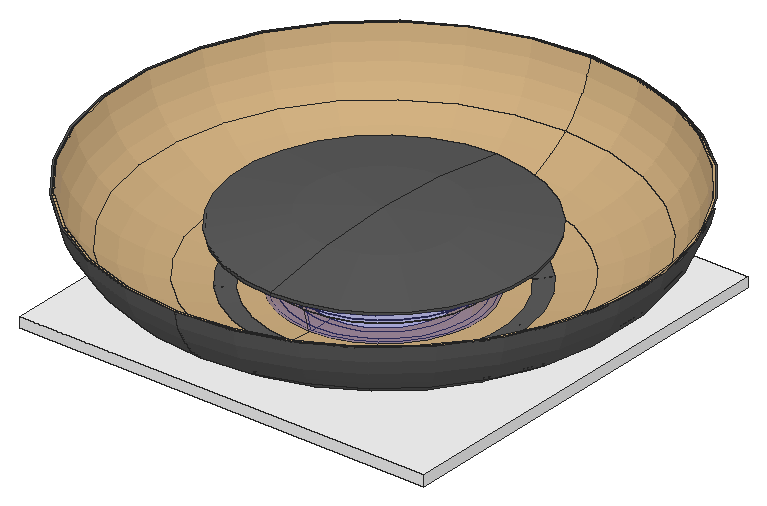
Revit family "BE_51219.4_de_DE", category Leuchten, Revit 2020
Family settings
  Basisbauteil = Fläche
  Bemaßung runder Anschluss = Durchmesser verwenden
  Teiletyp = Normal
  Beim Laden mit Abzugskörper schneiden = Ja
  Lichtquelle = Ja
  Gemeinsam genutzt = Nein
  Raumberechnungspunkt = Ja
Parameters (values of type "BEGA_51219.4_K3")
  built-in parameter 1150104 = 14.493 (stored number, unit not read)
  Wattage = 25 W
  Default Elevation = 0 mm
  built-in parameter 1150113 = 1 (stored number, unit not read)
  built-in parameter 1114218 = 1 (stored number, unit not read)
  Umgebungstemperatur = "25 °C"
  URL = "https://www.bega.com/de/produkt/51219.4"
  Typenkommentare = "© 2023 BEGA. Wir behalten uns das Recht vor, technische Änderungen ohne vorherige Ankündigung vorzunehmen."  # constant formula
  built-in parameter 1150134 = (empty or 0)
  built-in parameter 1150109 = 1 (stored number, unit not read)
  built-in parameter 1150110 = 1 (stored number, unit not read)
  Spannung = 239.996 V
  Sonderanfertigung = no
  Seriennummer [instance] = "Hier können Sie die eindeutige Seriennummer für das Facility Management eintragen."
  Schutzklasse = "I"
  Schutzart = "IP 20"
  Scheinlast = 0 VA
  Produktdatenblatt = "https://cdn.bega.com/bega/products/51219.4K3/current/documents/data-sheets/de"
  Neigungswinkel = 0.00°
  Modell = "51219.4K3"
  Material_35 = BEGA_Oberfläche_Samtschwarz_matt
  Material_34 = BEGA_Oberfläche_Samtweiss_matt
  Material_31 = BEGA_Oberfläche_Messing_matt
  Material_14 = BEGA_Kunststoff_opal
  M_W = no
  M_G = no
  M_A = no
  Logo = 0
  built-in parameter 1114217 = 1 (stored number, unit not read)
  built-in parameter 1150139 = (empty or 0)
  built-in parameter 1150105 = 310.35 (stored number, unit not read)
  built-in parameter 1150114 = 1 (stored number, unit not read)
  Lumens = 3900 lm
  built-in parameter 1150115 = 1 (stored number, unit not read)
  Leuchtenlichtstrom = "712 lm"
  Lebensdauerkriterien = "L70B50 @ 25 °C = 160000 h"
  Lastklassifizierung = Beleuchtung
  built-in parameter 1150112 = 1 (stored number, unit not read)
  Lampenlichtstrom = "3900 lm"
  Lampe = "LED 25 W"
  LED_Modulbezeichnung = "LED-1166/930"
  Hersteller = "BEGA"  # constant formula
  Frequenz = "0/50-60 Hz"
  Farbwiedergabeindex = "CRI > 90"
  Farbtemperaturverschiebung bei Dämpfen der Lampe = <Keine Auswahl>
  Farbtemperatur = "3000 K"
  Color Filter = 16777215
  built-in parameter 1150133 = 10 (stored number, unit not read)
  Energieeffizienzklasse = "LED A++ - A"
  built-in parameter 1150137 = (empty or 0)
  built-in parameter 1150132 = (empty or 0)
  Datei für fotometrisches Netz = "BE_51219-4K3.ies"
  CE_Konformität = "ja"
  Bestellnummer = "51219.4K3"
  Beschreibung_Sonderanfertigung = "Hier können Sie Informationen zur Sonderanfertigung eintragen."
  Beschreibung = "Wandleuchte"
  built-in parameter 1150106 = 3.1035 (stored number, unit not read)
  Befestigungsbohrung = "Ø 4,5 mm"
  BEGA_Intern_aus = yes
  BEGA_Intern_an = yes
  BEGA_Intern_Konstruktion = yes
  BEGA_Intern = yes
  BEGA_IES = yes
  BEGA_Dummy = no
  Anschlussleistung [instance] = "28.4 W"
  built-in parameter 1150107 = 3000 (stored number, unit not read)
  built-in parameter 1150102 = (empty or 0)
  built-in parameter 1150138 = (empty or 0)
  Aktualisierung = "2023-02-20T04:00:03"
  AC/DC = "AC/DC"
Reference planes
  plane 1 "Mitte (Vorne/Hinten)": y = 0
  plane 2: z = 0
  plane 3 "Mitte (Links/Rechts)": x = 0
  plane 4 "Links": x = -258.458
  plane 5 "Rechts": x = 258.458
  plane 6 "Unten": y = -258.454
  plane 7 "Oben": y = 258.454
  plane 8 "Vorne": z = 99.907
  plane 9 "Hinten": z = 0
Forms (mm)
  Extrusion 1, solid, material "BEGA_Platte_Weiss"
    sketch origin (0, -1119.2, 0) x (1, 0, 0) y (0, 1, 0)
      loop
        line (-200, 1319.2) -> (-200, 919.2) -> (200, 919.2) -> (200, 1319.2) -> (-200, 1319.2)
    from 0 to -10
  Extrusion 2, solid, material "BEGA_Dummy_matt", visible <- "BEGA_Dummy"
    sketch origin (77.149, -76.023, 0) x (1, 0, 0) y (0, 1, 0)
      loop
        circle (-77.149, 76.023) r 258.454
    from 0 to 99.907
Dimensions and locks
  plane 1 "Mitte (Vorne/Hinten)" to Extrusion 1 = 200 mm
  aligned and locked: plane 2 to Extrusion 1
  aligned and locked: level to Extrusion 1
Nested families
  nested 1: "BE_51219.4_Leuchte" at (0, 0, 0), type "BE_51219.4_Leuchte"
Connectors
  electrical at (0, 0, 0), driven by "Lastklassifizierung", driven by "Spannung", driven by "Scheinlast"
    settings: index 1, voltage 239.996 V, apparent load 0 VA, apparent load phase1 0 VA, apparent load phase2 0 VA, apparent load phase3 0 VA, power factor 1, load classification "Beleuchtung", number of poles 1, system type 31, power factor state 1, is connector primary yes, connector utility no, sub classification motor no, connector description ""
Definition of nested family "BE_51219.4_Leuchte"
  Parameters (values of type "BE_51219.4_Leuchte")
    Default Elevation = 1 mm
    URL = "http://www.bega.de/de/produkt"
    Type Comments = "© 2015 BEGA. Wir behalten uns das Recht vor, technische Änderungen ohne vorherige Ankündigung vorzunehmen. "  # constant formula
    Type Image = (empty or 0)
    Material_35 = none
    Material_34 = none
    Material_31 = none
    Material_14 = none
    Länge_Platte = 200 mm  # constant formula
    Höhe_Platte = -10 mm  # constant formula
    Manufacturer = "BEGA"  # constant formula
    Breite_Platte = 200 mm  # constant formula
  Reference planes
    plane 1 "Mitte (Oben/Unten)": y = 0
    plane 2: z = 0
    plane 3 "Mitte (Links/Rechts)": x = 0
    plane 4: z = 99.907
    plane 5: y = -258.454
    plane 6: y = 258.454
    plane 7: z = 0
    plane 8: x = 258.458
    plane 9: x = -258.458
  Forms (mm)
    Extrusion 1, solid, detail levels medium
      sketch origin (0, 0, 0) x (1, 0, 0) y (0, 1, 0)
        loop
          line (-100, 100) -> (-100, -100) -> (100, -100) -> (100, 100) -> (-100, 100)
      from 0 to -10 <- "Höhe_Platte"
    Revolve 2, solid, material <- "Material_34"
      sketch origin (0, 0, 0) x (1, 0, 0) y (0, 0, 1)
        loop
          line (90, 5.992) -> (64.5, 5.992) -> (64.5, 7.992) -> (0, 7.992) -> (0, 4.992) -> (65.4, 4.992) -> (65.4, 2.992) -> (90, 2.992) -> (90, 5.992)
        axis (0, 2.992) -> (0, 7.992)
      angle from 0 to 360
    Blend 3, solid, material <- "Material_34"
      base sketch origin (0, 0, 0) x (1, 0, 0) y (0, 1, 0)
        loop
          circle (-38.75, -67.117) r 5
      top sketch origin (0, 0, 0) x (1, 0, 0) y (0, 1, 0)
        loop
          circle (-38.75, -67.117) r 7.5
      from 0 to 2.992
    Blend 4, solid, material <- "Material_34"
      base sketch origin (0, 0, 0) x (1, 0, 0) y (0, 1, 0)
        loop
          circle (77.5, 0) r 5
      top sketch origin (0, 0, 0) x (1, 0, 0) y (0, 1, 0)
        loop
          circle (77.5, 0) r 7.5
      from 0 to 2.992
    Blend 5, solid, material <- "Material_34"
      base sketch origin (0, 0, 0) x (1, 0, 0) y (0, 1, 0)
        loop
          circle (-38.75, 67.117) r 5
      top sketch origin (0, 0, 0) x (1, 0, 0) y (0, 1, 0)
        loop
          circle (-38.75, 67.117) r 7.5
      from 0 to 2.992
    Extrusion 6, void
      sketch origin (0, 0, 0) x (1, 0, 0) y (0, 1, 0)
        loop
          circle (-38.75, 67.117) r 2.25
        loop
          circle (77.5, 0) r 2.25
        loop
          circle (-38.75, -67.117) r 2.25
        loop
          arc (42.071, 12.5) -> (43.702, 13.342) -> (43.96, 15.158) r 2
          arc (43.96, 15.158) -> (26.352, 38.312) -> (-1.567, 46.474) r 46.5
          arc (-1.567, 46.474) -> (-2.938, 45.865) -> (-3.5, 44.475) r 2
          line (-3.5, 44.475) -> (-3.5, 15.5)
          arc (-3.5, 15.5) -> (-2.621, 13.379) -> (-0.5, 12.5) r 3
          line (-0.5, 12.5) -> (42.071, 12.5)
      from 0 to 7.992
    Revolve 7, solid, material <- "Material_35"
      sketch origin (0, 0, 0) x (0, 1, 0) y (0, 0, 1)
        loop
          arc (66.091, 5.992) -> (74.672, 6.16) -> (83.25, 6.409) r 910.747
          arc (83.25, 6.409) -> (122.165, 9.32) -> (160.629, 15.91) r 410.702
          arc (160.629, 15.91) -> (195.338, 26.955) -> (226.572, 45.695) r 157.109
          arc (226.572, 45.695) -> (247.762, 69.714) -> (258.454, 99.907) r 84.239
          line (258.454, 99.907) -> (256.937, 99.907)
          arc (256.937, 99.907) -> (246.412, 70.377) -> (225.656, 46.883) r 82.739
          arc (225.656, 46.883) -> (194.712, 28.318) -> (160.324, 17.379) r 155.609
          arc (160.324, 17.379) -> (121.99, 10.809) -> (83.204, 7.909) r 409.202
          arc (83.204, 7.909) -> (74.103, 7.647) -> (65, 7.477) r 909.247
          line (65, 7.477) -> (65, 5.992) -> (66.091, 5.992)
        axis (0, 99.907) -> (0, 5.992)
      angle from 0 to 360
    Revolve 8, solid, material <- "Material_31"
      sketch origin (0, 0, 0) x (0, 1, 0) y (0, 0, 1)
        loop
          line (256.928, 99.907) -> (255.406, 99.907)
          arc (255.406, 99.907) -> (244.918, 71.358) -> (225.05, 48.33) r 84.997
          arc (225.05, 48.33) -> (196.634, 30.967) -> (165.183, 20.023) r 156.184
          arc (165.183, 20.023) -> (124.499, 12.494) -> (83.24, 9.411) r 381.815
          arc (83.24, 9.411) -> (77.504, 9.235) -> (71.766, 9.095) r 905.432
          arc (71.766, 9.095) -> (68.383, 9.037) -> (65, 8.992) r 820.208
          line (65, 8.992) -> (65, 7.492)
          arc (65, 7.492) -> (68.398, 7.537) -> (71.797, 7.595) r 821.708
          arc (71.797, 7.595) -> (77.539, 7.735) -> (83.28, 7.912) r 906.932
          arc (83.28, 7.912) -> (124.693, 11.007) -> (165.528, 18.564) r 383.315
          arc (165.528, 18.564) -> (197.286, 29.616) -> (225.978, 47.151) r 157.684
          arc (225.978, 47.151) -> (246.272, 70.702) -> (256.928, 99.907) r 86.497
        axis (0, 99.907) -> (0, 7.492)
      angle from 0 to 360
    Revolve 9, solid, material <- "Material_14"
      sketch origin (0, 0, 0) x (0, 1, 0) y (0, 0, 1)
        loop
          line (133.75, 63.044) -> (132.213, 62.633)
          arc (132.213, 62.633) -> (119.225, 57.379) -> (107.903, 49.125) r 57.21
          arc (107.903, 49.125) -> (101.358, 41.652) -> (96.406, 33.039) r 50.359
          arc (96.406, 33.039) -> (92.465, 21.587) -> (90, 9.73) r 95.839
          line (90, 9.73) -> (93.132, 9.73)
          arc (93.132, 9.73) -> (95.508, 20.957) -> (99.251, 31.806) r 92.739
          arc (99.251, 31.806) -> (103.892, 39.867) -> (110.023, 46.863) r 47.259
          arc (110.023, 46.863) -> (122.99, 55.855) -> (138, 60.724) r 54.11
          line (138, 60.724) -> (138, 62.131)
          arc (138, 62.131) -> (135.876, 62.591) -> (133.75, 63.044) r 647
        axis (0, 63.044) -> (0, 9.73)
      angle from 0 to 360
    Revolve 10, solid, material <- "Material_35"
      sketch origin (0, 0, 0) x (0, 1, 0) y (0, 0, 1)
        loop
          line (0, 80.019) -> (0, 77.019)
          arc (0, 77.019) -> (70.089, 73.212) -> (139.354, 61.834) r 647
          line (139.354, 61.834) -> (140, 64.763)
          arc (140, 64.763) -> (70.414, 76.194) -> (0, 80.019) r 650
        axis (0, 80.019) -> (0, 61.834)
      angle from 0 to 360
  Cuts and joins
    Extrusion 6 cuts Revolve 2
    Extrusion 6 cuts Blend 3
    Extrusion 6 cuts Blend 4
    Extrusion 6 cuts Blend 5
    joined: Revolve 2, Blend 3, Blend 4, Blend 5
  Dimensions and locks
    equal spacing: Extrusion 1 sketch curve, plane 3 "Mitte (Links/Rechts)", Extrusion 1 sketch curve
    equal spacing: Extrusion 1 sketch curve, plane 1 "Mitte (Oben/Unten)", Extrusion 1 sketch curve
    "Länge_Platte": Extrusion 1 sketch curve to Extrusion 1 sketch curve
    "Breite_Platte": Extrusion 1 sketch curve to Extrusion 1 sketch curve
    plane 1 "Mitte (Oben/Unten)" to Extrusion 1 = 100 mm  (x3)
    aligned and locked: plane 2 to Extrusion 1
    aligned and locked: level to Extrusion 1
  Automatic sketch dimensions
    Revolve 2 sketch curve to Revolve 2 sketch curve = 25.5 mm
    level to Revolve 2 sketch curve = 2.992 mm
    Revolve 2 sketch curve to Revolve 2 sketch curve = 0.9 mm
    Revolve 2 sketch curve to Revolve 2 sketch curve = 64.5 mm
    Revolve 2 sketch curve to Revolve 2 sketch curve = 2 mm  (x2)
    Revolve 2 sketch curve to Revolve 2 sketch curve = 1 mm
    Revolve 2 sketch curve to plane 3 "Mitte (Links/Rechts)" = 0 mm
    plane 1 "Mitte (Oben/Unten)" to Extrusion 6 sketch curve = 0 mm  (x2)
    Extrusion 6 sketch curve to plane 3 "Mitte (Links/Rechts)" = 38.75 mm  (x2)
    Extrusion 6 sketch curve to plane 3 "Mitte (Links/Rechts)" = 0.5 mm
    plane 1 "Mitte (Oben/Unten)" to Extrusion 6 sketch curve = 67.117 mm
    Extrusion 6 sketch curve to plane 1 "Mitte (Oben/Unten)" = 12.5 mm
    Extrusion 6 sketch curve to Extrusion 6 sketch curve = 51.617 mm
    Extrusion 6 sketch curve to Extrusion 6 sketch curve = 35.429 mm
    Extrusion 6 sketch curve to Extrusion 6 sketch curve = 2 mm
    Extrusion 6 sketch curve to Extrusion 6 sketch curve = 1.888 mm
    Extrusion 6 sketch curve to plane 3 "Mitte (Links/Rechts)" = 0 mm
    Extrusion 6 sketch curve to plane 3 "Mitte (Links/Rechts)" = 1.567 mm
    Extrusion 6 sketch curve to Extrusion 6 sketch curve = 1.933 mm
    Extrusion 6 sketch curve to plane 3 "Mitte (Links/Rechts)" = 1.5 mm
    Extrusion 6 sketch curve to Extrusion 6 sketch curve = 1.999 mm
    Extrusion 6 sketch curve to Extrusion 6 sketch curve = 0 mm
    Extrusion 6 sketch curve to Extrusion 6 sketch curve = 28.975 mm
    Revolve 7 sketch curve to plane 1 "Mitte (Oben/Unten)" = 65 mm
    Revolve 7 sketch curve to plane 1 "Mitte (Oben/Unten)" = 52.538 mm
    level to Revolve 7 sketch curve = 5.992 mm
    Revolve 7 sketch curve to plane 1 "Mitte (Oben/Unten)" = 72.113 mm
    Revolve 7 sketch curve to plane 1 "Mitte (Oben/Unten)" = 130.667 mm
    Revolve 7 sketch curve to Revolve 7 sketch curve = 44.482 mm
    level to Revolve 7 sketch curve = 112.418 mm
    level to Revolve 7 sketch curve = 6.409 mm
    level to Revolve 7 sketch curve = 15.91 mm
    Revolve 7 sketch curve to Revolve 7 sketch curve = 0 mm  (x9)
    Revolve 7 sketch curve to Revolve 7 sketch curve = 30.366 mm
    Revolve 7 sketch curve to Revolve 7 sketch curve = 0.916 mm  (x2)
    Revolve 7 sketch curve to Revolve 7 sketch curve = 1.517 mm
    Revolve 7 sketch curve to Revolve 7 sketch curve = 1.188 mm
    Revolve 7 sketch curve to Revolve 7 sketch curve = 0.305 mm
    Revolve 7 sketch curve to Revolve 7 sketch curve = 0.046 mm
    Revolve 7 sketch curve to Revolve 7 sketch curve = 1.499 mm
    Revolve 7 sketch curve to Revolve 7 sketch curve = 1.091 mm
    Revolve 8 sketch curve to Revolve 8 sketch curve = 0 mm  (x10)
    Revolve 8 sketch curve to plane 1 "Mitte (Oben/Unten)" = 52.574 mm
    Revolve 8 sketch curve to plane 1 "Mitte (Oben/Unten)" = 55.949 mm
    Revolve 8 sketch curve to plane 1 "Mitte (Oben/Unten)" = 75.46 mm
    Revolve 8 sketch curve to plane 1 "Mitte (Oben/Unten)" = 129.874 mm
    Revolve 8 sketch curve to Revolve 8 sketch curve = 41.793 mm
    Revolve 8 sketch curve to Revolve 8 sketch curve = 85.262 mm
    Revolve 8 sketch curve to Revolve 8 sketch curve = 14.564 mm
    Revolve 8 sketch curve to Revolve 8 sketch curve = 57.693 mm
    Revolve 8 sketch curve to Revolve 8 sketch curve = 218.983 mm
    Revolve 8 sketch curve to Revolve 8 sketch curve = 85.173 mm
    level to Revolve 8 sketch curve = 8.992 mm
    Revolve 8 sketch curve to plane 1 "Mitte (Oben/Unten)" = 65 mm
    Revolve 8 sketch curve to Revolve 8 sketch curve = 6.766 mm
    level to Revolve 8 sketch curve = 9.411 mm
    Revolve 8 sketch curve to Revolve 8 sketch curve = 0.041 mm
    level to Revolve 8 sketch curve = 20.023 mm
    Revolve 8 sketch curve to Revolve 8 sketch curve = 0.346 mm
    level to Revolve 8 sketch curve = 48.33 mm
    Revolve 8 sketch curve to Revolve 8 sketch curve = 0.928 mm
    Revolve 8 sketch curve to Revolve 8 sketch curve = 1.5 mm
    Revolve 8 sketch curve to Revolve 8 sketch curve = 0.03 mm
    Revolve 8 sketch curve to plane 1 "Mitte (Oben/Unten)" = 0 mm
    Revolve 8 sketch curve to Revolve 8 sketch curve = 66.141 mm
    Revolve 8 sketch curve to level = 609.6 mm
    Revolve 8 sketch curve to Revolve 8 sketch curve = 1429.483 mm
    Revolve 9 sketch curve to plane 1 "Mitte (Oben/Unten)" = 0 mm
    Revolve 9 sketch curve to plane 1 "Mitte (Oben/Unten)" = 132.213 mm
    Revolve 9 sketch curve to Revolve 9 sketch curve = 1.536 mm
    Revolve 9 sketch curve to Revolve 9 sketch curve = 4.25 mm
    level to Revolve 9 sketch curve = 12.37 mm
    Revolve 9 sketch curve to Revolve 9 sketch curve = 4.329 mm
    Revolve 9 sketch curve to Revolve 9 sketch curve = 4.683 mm
    Revolve 9 sketch curve to level = 3.812 mm
    Revolve 9 sketch curve to Revolve 9 sketch curve = 0.411 mm
    level to Revolve 9 sketch curve = 9.73 mm
    Revolve 9 sketch curve to Revolve 9 sketch curve = 17.903 mm
    Revolve 9 sketch curve to Revolve 9 sketch curve = 11.497 mm
    Revolve 9 sketch curve to Revolve 9 sketch curve = 0 mm  (x7)
    Revolve 9 sketch curve to Revolve 9 sketch curve = 1.407 mm
    Revolve 9 sketch curve to Revolve 9 sketch curve = 2.119 mm  (x2)
    Revolve 9 sketch curve to Revolve 9 sketch curve = 2.263 mm
    Revolve 9 sketch curve to Revolve 9 sketch curve = 1.233 mm
    Revolve 9 sketch curve to Revolve 9 sketch curve = 3.132 mm
    level to Revolve 10 sketch curve = 64.763 mm
    Revolve 10 sketch curve to plane 1 "Mitte (Oben/Unten)" = 140 mm
    level to Revolve 10 sketch curve = 80.019 mm
    level to Revolve 10 sketch curve = 61.834 mm
    Revolve 10 sketch curve to Revolve 10 sketch curve = 0.646 mm
    Revolve 10 sketch curve to Revolve 10 sketch curve = 0 mm
    Revolve 10 sketch curve to plane 1 "Mitte (Oben/Unten)" = 0 mm
    radius of Extrusion 6 sketch curve = 2.25 mm  (x3)
